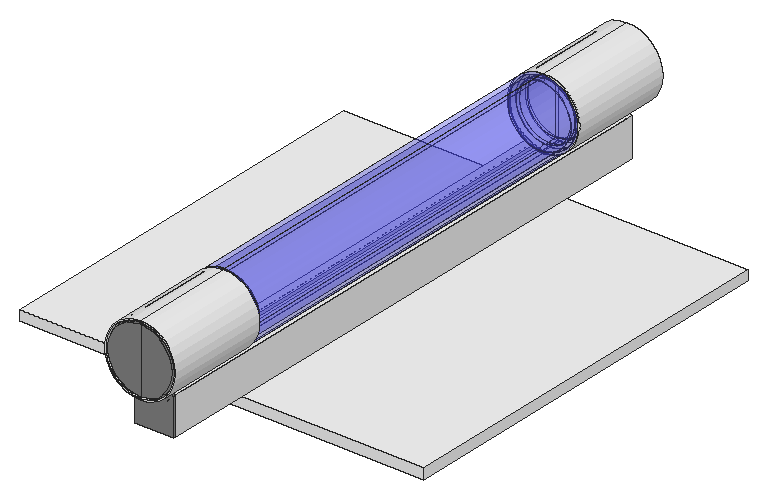
Revit family "BE_23253.1_de_DE", category Leuchten, Revit 2020
Family settings
  Basisbauteil = Fläche
  Bemaßung runder Anschluss = Durchmesser verwenden
  Teiletyp = Normal
  Beim Laden mit Abzugskörper schneiden = Ja
  Lichtquelle = Ja
  Gemeinsam genutzt = Nein
  Raumberechnungspunkt = Ja
Parameters (values of type "BEGA_23253.1_K3")
  built-in parameter 1150104 = 11.613 (stored number, unit not read)
  Wattage = 13 W
  Default Elevation = 0 mm
  built-in parameter 1150113 = 1 (stored number, unit not read)
  built-in parameter 1114218 = 1 (stored number, unit not read)
  Umgebungstemperatur = "25 °C"
  URL = "http://www.bega.de/de/produkt/23253.1"
  Typenkommentare = "© 2022 BEGA. Wir behalten uns das Recht vor, technische Änderungen ohne vorherige Ankündigung vorzunehmen."  # constant formula
  built-in parameter 1150134 = 12
  built-in parameter 1150109 = 1 (stored number, unit not read)
  Strom = ""
  built-in parameter 1150110 = 1 (stored number, unit not read)
  Spannung = 239.996 V
  Sonderanfertigung = no
  Seriennummer [instance] = "Hier können Sie die eindeutige Seriennummer für das Facility Management eintragen."
  Schutzklasse = "I"
  Schutzart = "IP 44"
  Scheinlast = 0 VA
  Produktdatenblatt = "http://www.bega.de/download/Xrfa/db/23253.1.db.de.pdf"
  Oberflächentemperatur = ""
  Neigungswinkel = 0.00°
  Model = "23253.1K4"
  Material_17 = BEGA_Reflektor
  Material_15 = BEGA_Leuchtmedium_matt
  Material_11 = BEGA_Glas_opal
  Material_09 = BEGA_Glas_klar
  Material_06 = BEGA_Oberfläche_Edelstahl_gebürstet
  Material_05 = BEGA_Oberfläche_Aluminium Guss
  Material_04 = BEGA_Kunststoff_Grafit_matt
  Material_03 = BEGA_Oberfläche_Weiss_matt
  Material_02 = BEGA_Oberfläche_Silber_matt
  Material_01 [instance] = BEGA_Oberfläche_Grafit_matt
  M_W = no
  M_G = no
  M_A = no
  Logo = 0
  built-in parameter 1114217 = 1 (stored number, unit not read)
  built-in parameter 1150139 = (empty or 0)
  built-in parameter 1150105 = 129.31 (stored number, unit not read)
  built-in parameter 1150114 = 1 (stored number, unit not read)
  Lumens = 1625 lm
  built-in parameter 1150115 = 1 (stored number, unit not read)
  Leuchtenlichtstrom = "1337 lm"
  Leuchtenanzahl = ""
  Lebensdauerkriterien = "L70B50 @ 25 °C = 481000 h"
  Lastklassifizierung = Beleuchtung
  built-in parameter 1150112 = 1 (stored number, unit not read)
  Lampenlichtstrom = "1760 lm"
  Lamp = "LED 10.7 W"
  LED_Modulbezeichnung = "LED-0424/940   LED-0425/940"
  Hersteller = "BEGA"  # constant formula
  Halbstreuwinkel = ""
  Gewicht = "1.9 kg"
  Gebrauchslageneinschränkung [instance] = ""
  Frequenz = "0/50-60 Hz"
  Farbwiedergabeindex = "CRI > 90"
  Farbtemperaturverschiebung bei Dämpfen der Lampe = <Keine Auswahl>
  Farbtemperatur = "4000 K"
  Color Filter = 16777215
  built-in parameter 1150133 = 10 (stored number, unit not read)
  Energieeffizienzklasse = "LED A++ - A"
  built-in parameter 1150137 = (empty or 0)
  built-in parameter 1150132 = (empty or 0)
  ENEC = ""
  Dimmbar [instance] = ""
  Photometric Web File = "BE_23253.1K4.IES"
  CE_Konformität = "ja"
  Bestellnummer = "23253.1K4"
  Beschreibung_Sonderanfertigung = "Hier können Sie Informationen zur Sonderanfertigung eintragen."
  Beschreibung = "Wandleuchte"
  built-in parameter 1150106 = 1.2931 (stored number, unit not read)
  Befestigungsbohrung = "Ø 6 mm"
  Befestigungsabstand = "365 mm"
  Ballwurfsicher = ""
  BEGA_Intern_aus = yes
  BEGA_Intern_an = yes
  BEGA_Intern_Konstruktion = yes
  BEGA_Intern = yes
  BEGA_IES = yes
  BEGA_Dummy = no
  Anschlussleitung = ""
  Anschlussleistung [instance] = "13 W"
  Anschlusskasten = ""
  built-in parameter 1150107 = 4000 (stored number, unit not read)
  built-in parameter 1150102 = (empty or 0)
  built-in parameter 1150138 = (empty or 0)
  Aktualisierung = "2019-07-05T04:00:16"
  Abstand_zur_angestrahlten_Fläche [instance] = ""
  AC/DC = "AC/DC"
Reference planes
  plane 1 "Mitte (Vorne/Hinten)": y = 0
  plane 2: z = 0
  plane 3 "Mitte (Links/Rechts)": x = 0
  plane 4 "Links": x = -35
  plane 5 "Rechts": x = 35
  plane 6 "Unten": y = -301
  plane 7 "Oben": y = 301
  plane 8 "Vorne": z = 104.517
  plane 9 "Hinten": z = 0
Forms (mm)
  Extrusion 1, solid, material "BEGA_Platte_Weiss"
    sketch origin (0, -1119.2, 0) x (1, 0, 0) y (0, 1, 0)
      loop
        line (-200, 1319.2) -> (-200, 919.2) -> (200, 919.2) -> (200, 1319.2) -> (-200, 1319.2)
    from 0 to -10
  Extrusion 2, solid, material "BEGA_Dummy_matt", visible <- "BEGA_Dummy"
    sketch origin (80.095, -76.023, 0) x (1, 0, 0) y (0, 1, 0)
      loop
        line (-115.095, 377.023) -> (-115.095, -224.977) -> (-45.095, -224.977) -> (-45.095, 377.023) -> (-115.095, 377.023)
    from 0 to 104.517
Dimensions and locks
  plane 1 "Mitte (Vorne/Hinten)" to Extrusion 1 = 200 mm
  aligned and locked: plane 2 to Extrusion 1
  aligned and locked: level to Extrusion 1
Nested families
  nested 1: "BE_23253.1" at (0, 0, 0) x (0, 1, 0) z (0, 0, 1), type "BE_23253.1"
Connectors
  electrical at (0, 0, 0), driven by "Lastklassifizierung", driven by "Spannung", driven by "Scheinlast"
    settings: index 1, voltage 239.996 V, apparent load 0 VA, apparent load phase1 0 VA, apparent load phase2 0 VA, apparent load phase3 0 VA, power factor 1, load classification "Beleuchtung", number of poles 1, system type 31, power factor state 1, is connector primary yes, connector utility no, sub classification motor no, connector description ""
Definition of nested family "BE_23253.1"
  Parameters (values of type "BE_23253.1")
    Default Elevation = 1 mm
    URL = "http://www.bega.de/de/produkt"
    Type Comments = "© 2015 BEGA. Wir behalten uns das Recht vor, technische Änderungen ohne vorherige Ankündigung vorzunehmen. "  # constant formula
    Type Image = (empty or 0)
    Neigungswinkel_um_Z2 = 0.00°
    Neigungswinkel_um_Z1 = 0.00°
    Neigungswinkel_um_Y2 = 0.00°
    Neigungswinkel_um_Y1 = 0.00°
    Neigungswinkel_um_X2 = 0.00°
    Neigungswinkel_um_X1 = 0.00°
    Material_17 = none
    Material_15 = none
    Material_11 = none
    Material_09 = none
    Material_06 = none
    Material_05 = none
    Material_04 = none
    Material_03 = none
    Material_02 = none
    Material_01 = none
    M_W = yes
    M_G = yes
    M_A = yes
    Länge_Platte = 700 mm  # constant formula
    Höhe_Platte = -10 mm  # constant formula
    Manufacturer = "BEGA"  # constant formula
    Drehwinkel_um_Z2 = 0.00°
    Drehwinkel_um_Z1 = 0.00°
    Breite_Platte = 200 mm  # constant formula
  Reference planes
    plane 1 "Mitte (Oben/Unten)": y = 0
    plane 2: z = 0
    plane 3 "Mitte (Links/Rechts)": x = 0
    plane 4: y = 35
    plane 5: y = -35
    plane 6: z = 104.517
    plane 7: x = -301
    plane 8: x = 301
    plane 9: z = 104.517
  Forms (mm)
    Extrusion 1, solid, detail levels medium
      sketch origin (0, 0, 0) x (1, 0, 0) y (0, 1, 0)
        loop
          line (-350, 100) -> (-350, -100) -> (350, -100) -> (350, 100) -> (-350, 100)
      from 0 to -10 <- "Höhe_Platte"
    Extrusion 2, solid, material <- "Material_03", detail levels medium+fine
      sketch origin (0, 0, 0) x (0, 1, 0) y (0, 0, 1)
        loop
          line (-20, 37.5) -> (-20, 0) -> (-15.75, 0) -> (-15.75, 6.5) -> (-16.8, 6.5)
          arc (-16.8, 6.5) -> (-17.507, 6.793) -> (-17.8, 7.5) r 1
          line (-17.8, 7.5) -> (-17.8, 32.29)
          arc (-17.8, 32.29) -> (-16.811, 33.7) -> (-15.148, 33.251) r 1.5
          line (-15.148, 33.251) -> (-11.917, 29.4) -> (11.917, 29.4) -> (15.148, 33.251)
          arc (15.148, 33.251) -> (16.811, 33.7) -> (17.8, 32.29) r 1.5
          line (17.8, 32.29) -> (17.8, 7.5)
          arc (17.8, 7.5) -> (17.507, 6.793) -> (16.8, 6.5) r 1
          line (16.8, 6.5) -> (15.75, 6.5) -> (15.75, 0) -> (20, 0) -> (20, 37.5) -> (18, 39.5)
          arc (18, 39.5) -> (15.101, 37.578) -> (12, 36.005) r 30
          line (12, 36.005) -> (12, 33.9)
          arc (12, 33.9) -> (11.561, 32.839) -> (10.5, 32.4) r 1.5
          line (10.5, 32.4) -> (-10.5, 32.4)
          arc (-10.5, 32.4) -> (-11.561, 32.839) -> (-12, 33.9) r 1.5
          line (-12, 33.9) -> (-12, 36.005)
          arc (-12, 36.005) -> (-15.101, 37.578) -> (-18, 39.5) r 30
          line (-18, 39.5) -> (-20, 37.5)
      from -281.945 to 281
    Extrusion 3, solid, material <- "Material_03", detail levels medium+fine
      sketch origin (0, 0, 0) x (1, 0, 0) y (0, 0, 1)
        loop
          line (173, 4.3) -> (173, 1) -> (192.993, 1) -> (192.993, 4.3) -> (173, 4.3)
        loop
          line (-191.993, 4.3) -> (-191.993, 1) -> (-172, 1) -> (-172, 4.3) -> (-191.993, 4.3)
      from -17.577 to 17.577
    Extrusion 4, solid, material <- "Material_04", detail levels medium+fine
      sketch origin (0, 0, 0) x (0, 1, 0) y (0, 0, 1)
        loop
          line (-18.99, 0.01) -> (18.99, 0.01) -> (19, 36.578) -> (17.542, 38.036)
          arc (17.542, 38.036) -> (0, 32.49) -> (-17.542, 38.036) r 30.51
          line (-17.542, 38.036) -> (-18.99, 36.588) -> (-18.99, 0.01)
      from 281 to 282.5
    Extrusion 5, solid, material <- "Material_04", detail levels medium+fine
      sketch origin (0, 0, 0) x (0, 1, 0) y (0, 0, -1)
        loop
          line (-18.99, -0.01) -> (-18.99, -36.588) -> (-17.542, -38.036)
          arc (-17.542, -38.036) -> (0, -32.49) -> (17.542, -38.036) r 30.51
          line (17.542, -38.036) -> (19, -36.578) -> (18.99, -0.01) -> (-18.99, -0.01)
      from 281.945 to 283.5
    Extrusion 6, void
      sketch origin (0, 0, 0) x (1, 0, 0) y (0, 1, 0)
        loop
          arc (180, 3) -> (177, 0) -> (180, -3) r 3
          line (180, -3) -> (186, -3)
          arc (186, -3) -> (188.116, -2.127) -> (189, -0.016) r 3
          arc (189, -0.016) -> (188.116, 2.127) -> (186, 3) r 3
          line (186, 3) -> (180, 3)
        loop
          arc (-179, 3) -> (-182, 6) -> (-185, 3) r 3
          line (-185, 3) -> (-185, -3)
          arc (-185, -3) -> (-184.128, -5.114) -> (-181.985, -6) r 3
          arc (-181.985, -6) -> (-179.873, -5.116) -> (-179, -3) r 3
          line (-179, -3) -> (-179, 3)
      from 0 to 6.5
    Revolve 7, void
      sketch origin (-251, 0, 0) x (0, 1, 0) y (0, 0, 1)
        loop
          line (-6, 32.4) -> (-6, 29.4) -> (0, 29.4) -> (0, 32.4) -> (-6, 32.4)
        axis (0, 32.4) -> (0, 29.4)
      angle from 0 to 360
    Revolve 8, solid, material <- "Material_03", detail levels medium+fine
      sketch origin (0, 0, 0) x (1, 0, 0) y (0, 0, 1)
        loop
          line (-301, 103.267) -> (-298.43, 103.267) -> (-297.66, 102.822) -> (-286, 102.517) -> (-198, 102.517) -> (-198, 104.517) -> (-301, 104.517) -> (-301, 103.267)
        loop
          line (301, 103.267) -> (301, 104.517) -> (198, 104.517) -> (198, 102.517) -> (286, 102.517) -> (297.66, 102.822) -> (298.43, 103.267) -> (301, 103.267)
        axis (-301, 69.517) -> (301, 69.517)
      angle from 0 to 360
    Revolve 9, solid, material <- "Material_04", detail levels medium+fine
      sketch origin (0, 0, 0) x (1, 0, 0) y (0, 0, 1)
        loop
          line (-301, 101.517) -> (-301, 69.517) -> (-295, 69.517) -> (-295, 100.067) -> (-286, 100.381) -> (-286, 103.017) -> (-298, 103.017) -> (-298, 101.517) -> (-301, 101.517)
        loop
          line (301, 101.517) -> (298, 101.517) -> (298, 103.017) -> (286, 103.017) -> (286, 100.381) -> (295, 100.067) -> (295, 69.517) -> (301, 69.517) -> (301, 101.517)
        axis (-301, 69.517) -> (301, 69.517)
      angle from 0 to 360
    Revolve 10, solid, material <- "Material_11", detail levels medium+fine
      sketch origin (0, 0, 0) x (1, 0, 0) y (0, 0, 1)
        loop
          line (-203.5, 98.517) -> (-199.415, 98.517)
          arc (-199.415, 98.517) -> (-195.122, 97.721) -> (-191.993, 100.767) r 4.75
          line (-191.993, 100.767) -> (192.993, 100.767)
          arc (192.993, 100.767) -> (196.122, 97.721) -> (200.415, 98.517) r 4.75
          line (200.415, 98.517) -> (204.336, 98.517) -> (212.75, 97.781) -> (212.75, 69.517) -> (216.5, 69.517) -> (216.5, 99.388)
          arc (216.5, 99.388) -> (215.976, 100.734) -> (214.684, 101.376) r 2
          line (214.684, 101.376) -> (204.5, 102.267) -> (196.5, 102.36) -> (196.5, 104.517) -> (-196.5, 104.517) -> (-196.5, 102.267) -> (-203.5, 102.267) -> (-203.5, 98.517)
        axis (-203.5, 69.517) -> (216.5, 69.517)
      angle from 0 to 360
    Revolve 11, void
      sketch origin (0, 0, 0) x (1, 0, 0) y (0, 0, 1)
        loop
          line (298.3, 79.117) -> (298.3, 69.517) -> (301.213, 69.517) -> (301.213, 79.295) -> (298.3, 79.117)
        axis (298.3, 69.517) -> (301.213, 69.517)
      angle from 0 to 360
    Revolve 12, solid, material <- "Material_06", detail levels fine
      sketch origin (0, 0, 0) x (1, 0, 0) y (0, 0, 1)
        loop
          line (298.3, 79.017) -> (298.3, 69.517) -> (300.8, 69.517) -> (300.8, 79.017) -> (298.3, 79.017)
        axis (298.3, 69.517) -> (300.8, 69.517)
      angle from 0 to 360
  Cuts and joins
    joined: Extrusion 4, Extrusion 5
    Revolve 7 cuts Extrusion 2
    Extrusion 6 cuts Extrusion 3
    joined: Extrusion 2, Extrusion 3
    Revolve 11 cuts Revolve 9
  Dimensions and locks
    equal spacing: Extrusion 1 sketch curve, plane 3 "Mitte (Links/Rechts)", Extrusion 1 sketch curve
    equal spacing: Extrusion 1 sketch curve, plane 1 "Mitte (Oben/Unten)", Extrusion 1 sketch curve
    "Länge_Platte": Extrusion 1 sketch curve to Extrusion 1 sketch curve
    "Breite_Platte": Extrusion 1 sketch curve to Extrusion 1 sketch curve
    aligned and locked: Extrusion 1 to plane 2
    aligned and locked: level to Extrusion 1
  Automatic sketch dimensions
    Extrusion 2 sketch curve to Extrusion 2 sketch curve = 0 mm  (x2)
    Extrusion 2 sketch curve to level = 0 mm  (x2)
    Extrusion 2 sketch curve to plane 1 "Mitte (Oben/Unten)" = 0 mm
    plane 1 "Mitte (Oben/Unten)" to Extrusion 2 sketch curve = 10.5 mm
    Extrusion 2 sketch curve to Extrusion 2 sketch curve = 1.417 mm  (x2)
    Extrusion 2 sketch curve to Extrusion 2 sketch curve = 1.5 mm  (x3)
    Extrusion 2 sketch curve to Extrusion 2 sketch curve = 3.148 mm  (x2)
    plane 1 "Mitte (Oben/Unten)" to Extrusion 2 sketch curve = 15.75 mm
    Extrusion 2 sketch curve to Extrusion 2 sketch curve = 1.152 mm  (x2)
    Extrusion 2 sketch curve to Extrusion 2 sketch curve = 1.05 mm  (x2)
    Extrusion 2 sketch curve to Extrusion 2 sketch curve = 1 mm
    Extrusion 2 sketch curve to Extrusion 2 sketch curve = 2.852 mm  (x2)
    Extrusion 2 sketch curve to Extrusion 2 sketch curve = 2 mm  (x2)
    Extrusion 2 sketch curve to plane 1 "Mitte (Oben/Unten)" = 10.5 mm
    level to Extrusion 2 sketch curve = 6.5 mm  (x2)
    Extrusion 2 sketch curve to plane 1 "Mitte (Oben/Unten)" = 15.75 mm
    Extrusion 2 sketch curve to Extrusion 2 sketch curve = 4.25 mm
    Extrusion 2 sketch curve to Extrusion 2 sketch curve = 21.9 mm
    Extrusion 2 sketch curve to Extrusion 2 sketch curve = 2.89 mm  (x2)
    Extrusion 2 sketch curve to Extrusion 2 sketch curve = 3 mm
    Extrusion 2 sketch curve to Extrusion 2 sketch curve = 2.105 mm  (x2)
    Extrusion 2 sketch curve to Extrusion 2 sketch curve = 5.21 mm  (x2)
    level to Extrusion 3 sketch curve = 1 mm  (x2)
    Extrusion 3 sketch curve to Extrusion 3 sketch curve = 19.993 mm  (x2)
    level to Extrusion 3 sketch curve = 4.3 mm
    Extrusion 3 sketch curve to Extrusion 3 sketch curve = 3.3 mm
    Extrusion 4 sketch curve to plane 1 "Mitte (Oben/Unten)" = 0 mm
    Extrusion 4 sketch curve to plane 5 = 17.458 mm
    level to Extrusion 4 sketch curve = 0.01 mm
    Extrusion 4 sketch curve to plane 5 = 16.01 mm
    Extrusion 4 sketch curve to plane 4 = 17.458 mm
    Extrusion 4 sketch curve to plane 4 = 16.01 mm
    Extrusion 4 sketch curve to Extrusion 4 sketch curve = 1.458 mm  (x2)
    Extrusion 4 sketch curve to Extrusion 4 sketch curve = 36.567 mm
    Extrusion 4 sketch curve to Extrusion 4 sketch curve = 36.578 mm
    Extrusion 5 sketch curve to plane 1 "Mitte (Oben/Unten)" = 0 mm
    Extrusion 5 sketch curve to plane 5 = 17.458 mm
    level to Extrusion 5 sketch curve = 0.01 mm
    Extrusion 5 sketch curve to plane 5 = 16.01 mm
    Extrusion 5 sketch curve to plane 4 = 17.458 mm
    Extrusion 5 sketch curve to plane 4 = 16.01 mm
    Extrusion 5 sketch curve to Extrusion 5 sketch curve = 1.458 mm
    Extrusion 5 sketch curve to Extrusion 5 sketch curve = 36.567 mm
    Extrusion 5 sketch curve to Extrusion 5 sketch curve = 36.578 mm
    Extrusion 5 sketch curve to Extrusion 5 sketch curve = 1.448 mm
    Extrusion 6 sketch curve to Extrusion 6 sketch curve = 0 mm  (x5)
    plane 1 "Mitte (Oben/Unten)" to Extrusion 6 sketch curve = 0 mm  (x2)
    Extrusion 6 sketch curve to plane 1 "Mitte (Oben/Unten)" = 3 mm
    Extrusion 6 sketch curve to Extrusion 6 sketch curve = 3 mm  (x2)
    plane 1 "Mitte (Oben/Unten)" to Extrusion 6 sketch curve = 3 mm  (x2)
    Extrusion 6 sketch curve to Extrusion 6 sketch curve = 6 mm
    Extrusion 6 sketch curve to Extrusion 6 sketch curve = 0.02 mm
    Extrusion 6 sketch curve to Extrusion 6 sketch curve = 0.035 mm
    Extrusion 6 sketch curve to plane 1 "Mitte (Oben/Unten)" = 0.016 mm
    plane 1 "Mitte (Oben/Unten)" to Extrusion 6 sketch curve = 0.016 mm
    Revolve 7 sketch curve to plane 1 "Mitte (Oben/Unten)" = 0 mm  (x2)
    Revolve 7 sketch curve to Revolve 7 sketch curve = 6 mm
    level to Revolve 7 sketch curve = 29.4 mm
    Revolve 7 sketch curve to Revolve 7 sketch curve = 3 mm
    Revolve 7 sketch curve to Revolve 7 sketch curve = 4.732 mm
    Revolve 7 sketch curve to Revolve 7 sketch curve = 0 mm
    Extrusion 4 sketch curve to Extrusion 4 sketch curve = 24.964 mm
    Extrusion 5 sketch curve to Extrusion 5 sketch curve = 24.964 mm
    Revolve 8 sketch curve to Revolve 8 sketch curve = 2.57 mm
    Revolve 8 sketch curve to Revolve 8 sketch curve = 0.77 mm  (x2)
    Revolve 8 sketch curve to Revolve 8 sketch curve = 11.66 mm
    Revolve 8 sketch curve to Revolve 8 sketch curve = 88 mm
    level to Revolve 8 sketch curve = 102.517 mm  (x2)
    Revolve 8 sketch curve to Revolve 8 sketch curve = 0.305 mm  (x2)
    Revolve 8 sketch curve to Revolve 8 sketch curve = 0.445 mm  (x2)
    Revolve 8 sketch curve to Revolve 8 sketch curve = 2 mm  (x2)
    Revolve 8 sketch curve to Revolve 8 sketch curve = 27.869 mm
    Revolve 8 sketch curve to Revolve 8 sketch curve = 33 mm
    Revolve 9 sketch curve to Revolve 9 sketch curve = 3 mm
    Revolve 9 sketch curve to Revolve 9 sketch curve = 6 mm  (x2)
    Revolve 9 sketch curve to Revolve 9 sketch curve = 9 mm  (x2)
    level to Revolve 9 sketch curve = 69.517 mm  (x2)
    Revolve 9 sketch curve to Revolve 9 sketch curve = 30.55 mm  (x2)
    Revolve 9 sketch curve to Revolve 9 sketch curve = 0.314 mm  (x2)
    Revolve 9 sketch curve to Revolve 9 sketch curve = 1.45 mm  (x2)
    Revolve 9 sketch curve to Revolve 9 sketch curve = 1.5 mm  (x2)
    Revolve 9 sketch curve to Revolve 9 sketch curve = 4 mm
    Revolve 9 sketch curve to Revolve 9 sketch curve = 0 mm
    level to Revolve 12 sketch curve = 69.517 mm
    Revolve 12 sketch curve to Revolve 12 sketch curve = 9.5 mm
    Revolve 12 sketch curve to Revolve 12 sketch curve = 0 mm  (x2)
    Revolve 10 sketch curve to plane 6 = 0 mm
    plane 6 to Revolve 10 sketch curve = 2.25 mm  (x2)
    Revolve 10 sketch curve to Revolve 10 sketch curve = 4.085 mm
    Revolve 10 sketch curve to Revolve 10 sketch curve = 2.915 mm  (x2)
    Revolve 10 sketch curve to Revolve 10 sketch curve = 0 mm
    Revolve 10 sketch curve to Revolve 10 sketch curve = 4.507 mm
    plane 6 to Revolve 10 sketch curve = 3.75 mm
    plane 6 to Revolve 10 sketch curve = 2.157 mm
    Revolve 10 sketch curve to Revolve 10 sketch curve = 3.507 mm
    Revolve 10 sketch curve to Revolve 10 sketch curve = 1 mm
    Revolve 10 sketch curve to Revolve 10 sketch curve = 3.921 mm
    Revolve 10 sketch curve to Revolve 10 sketch curve = 0.164 mm
    Revolve 10 sketch curve to Revolve 10 sketch curve = 8.414 mm
    Revolve 10 sketch curve to Revolve 10 sketch curve = 1.75 mm
    plane 6 to Revolve 10 sketch curve = 3.141 mm
    Revolve 10 sketch curve to Revolve 10 sketch curve = 0.184 mm
    Revolve 10 sketch curve to Revolve 10 sketch curve = 3.75 mm  (x3)
    Revolve 10 sketch curve to Revolve 10 sketch curve = 1.988 mm
    Revolve 10 sketch curve to Revolve 10 sketch curve = 1.604 mm
    Revolve 10 sketch curve to Revolve 10 sketch curve = 28.264 mm
    Revolve 10 sketch curve to plane 3 "Mitte (Links/Rechts)" = 46.5 mm
    plane 3 "Mitte (Links/Rechts)" to Revolve 10 sketch curve = 23.5 mm
    plane 6 to Revolve 10 sketch curve = 35 mm
    Revolve 11 sketch curve to Revolve 11 sketch curve = 2.913 mm
    plane 6 to Revolve 11 sketch curve = 35 mm
    Revolve 11 sketch curve to Revolve 11 sketch curve = 9.6 mm
    Revolve 11 sketch curve to Revolve 11 sketch curve = 0.178 mm
    Revolve 11 sketch curve to Revolve 11 sketch curve = 0 mm  (x2)
    Revolve 11 sketch curve to Revolve 11 sketch curve = 0.462 mm
    plane 7 to Extrusion 3 sketch curve = 129 mm
    plane 7 to Extrusion 6 sketch curve = 122 mm
    Revolve 8 sketch curve to plane 7 = 0 mm
    Revolve 8 sketch curve to Revolve 8 sketch curve = 43.754 mm
    Revolve 9 sketch curve to plane 7 = 0 mm  (x2)
    plane 7 to Revolve 10 sketch curve = 109.007 mm
    plane 8 to Extrusion 3 sketch curve = 128 mm
    plane 8 to Extrusion 6 sketch curve = 121 mm
    Revolve 8 sketch curve to plane 8 = 0 mm
    plane 8 to Revolve 8 sketch curve = 103 mm
    plane 8 to Revolve 8 sketch curve = 15 mm
    plane 8 to Revolve 8 sketch curve = 3.34 mm
    plane 8 to Revolve 9 sketch curve = 0 mm
    plane 8 to Revolve 9 sketch curve = 3 mm
    plane 8 to Revolve 10 sketch curve = 108.007 mm
    plane 8 to Revolve 11 sketch curve = 2.7 mm
    plane 8 to Revolve 12 sketch curve = 2.7 mm
    plane 8 to Revolve 12 sketch curve = 0.2 mm
    Revolve 12 sketch curve to plane 8 = 0.342 mm
